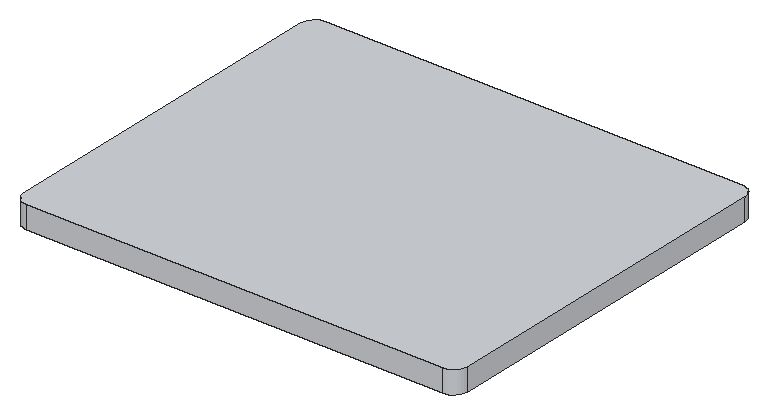
Revit family "АВЛН_Стол перподавателя угловой", category Мебель, Revit 2019
Family settings
  Номер OmniClass = 23.40.20.00
  Заголовок OmniClass = General Furniture and Specialties
  На основе рабочей плоскости = Нет
  Всегда вертикально = Да
  При загрузке вырезать с полостями = Нет
  Общий = Нет
  Точка расчета площади = Нет
Parameters (values of type "Одноместная")
  Столешница_длина 2 = 1800 mm
  Столешница_длина 1 = 1200 mm
  Столешница_Ширина = 600 mm
Types (3): name
  (no name)
  Двухместная
  Одноместная
Reference planes
  plane 1 "По центру (Вперед/Назад)": y = 0
  plane 2: z = 0
  plane 3 "По центру (Влево/Вправо)": x = 0
  plane 4: y = 1200
  plane 5: x = 1800
  plane 6: x = 600
  plane 7: y = 600
Lines and regions (mm)
  model lines
    curve 1: line (600, 600, 0) -> (1800, 600, 0)
    curve 2: line (1800, 600, 0) -> (1800, 0, 0)
    curve 3: line (1800, 0, 0) -> (600, 0, 0)
    curve 4: line (600, 0, 0) -> (600, 600, 0)
    curve 5: line (600, 600, 0) -> (1800, 600, 0)
    curve 6: line (1800, 600, 0) -> (1800, 0, 0)
    curve 7: line (1800, 0, 0) -> (600, 0, 0)
    curve 8: line (600, 0, 0) -> (600, 600, 0)
    curve 9: line (600, 1200, 0) -> (600, 0, 0)
    curve 10: line (600, 0, 0) -> (0, 0, 0)
    curve 11: line (0, 0, 0) -> (0, 1200, 0)
    curve 12: line (0, 1200, 0) -> (600, 1200, 0)
    curve 13: line (600, 1200, 0) -> (600, 0, 0)
    curve 14: line (600, 0, 0) -> (0, 0, 0)
    curve 15: line (0, 0, 0) -> (0, 1200, 0)
    curve 16: line (0, 1200, 0) -> (600, 1200, 0)
    curve 17: line (977, 1178, 0) -> (977, 788, 0)
    curve 18: line (977, 788, 0) -> (1367, 788, 0)
    curve 19: line (1367, 788, 0) -> (1367, 1178, 0)
    curve 20: line (1367, 1178, 0) -> (977, 1178, 0)
    curve 21: line (977, 1178, 0) -> (1367, 1178, 0)
    curve 22: line (1367, 1178, 0) -> (1367, 788, 0)
    curve 23: line (1367, 788, 0) -> (977, 788, 0)
    curve 24: line (977, 788, 0) -> (977, 1178, 0)
Dimensions and locks
  "Столешница_длина 1": plane 1 "По центру (Вперед/Назад)" to plane 4
  "Столешница_длина 2": plane 3 "По центру (Влево/Вправо)" to plane 5
  plane 1 "По центру (Вперед/Назад)" to plane 7 = 600 mm
  plane 3 "По центру (Влево/Вправо)" to plane 6 = 600 mm
  locked: curve 21 to curve 23 at 390
  locked: curve 24 to curve 22 at 390
  locked: plane 6 to curve 24 at 377
  locked: curve 23 to plane 7 at 188
  aligned and locked: level to plane 2
  aligned and locked: plane 5 to curve 6
  aligned and locked: plane 3 "По центру (Влево/Вправо)" to curve 15
  aligned and locked: curve 3 to plane 1 "По центру (Вперед/Назад)"
  aligned and locked: curve 5 to plane 7
  aligned and locked: curve 13 to plane 6
Automatic sketch dimensions
  curve 16 to plane 4 = 0 mm
Nested families
  nested 1: "Ученический стул" at (0, 435, 0), type "Ученический стул", not visible
    with Сиденье_Глубина 270 mm
  nested 2: "Ученический стул" at (-300, 435, 0), type "Ученический стул", not visible
    with Сиденье_Глубина 270 mm
  nested 3: "Ученический стул" at (300, 435, 0), type "Ученический стул", not visible
    with Сиденье_Глубина 270 mm
Definition of nested family "Ученический стул"
  Parameters (values of type "Ученический стул")
    Сиденье_Ширина = 320 mm
    Сиденье_Глубина = 300 mm
  Reference planes
    plane 1 "По центру (Вперед/Назад)": y = 0
    plane 2: z = 0
    plane 3 "По центру (Влево/Вправо)": x = 0
    plane 4: y = 150
    plane 5: x = 160
    plane 6: y = -150
    plane 7: x = -160
  Forms (mm)
    Extrusion 1, solid
      sketch origin (0, 0, 0) x (1, 0, 0) y (0, 1, 0)
        loop
          line (150, 150) -> (-150, 150)
          arc (-150, 150) -> (-157.071, 147.071) -> (-160, 140) r 10
          line (-160, 140) -> (-160, -140)
          arc (-160, -140) -> (-157.071, -147.071) -> (-150, -150) r 10
          line (-150, -150) -> (150, -150)
          arc (150, -150) -> (157.071, -147.071) -> (160, -140) r 10
          line (160, -140) -> (160, 140)
          arc (160, 140) -> (157.071, 147.071) -> (150, 150) r 10
      from 0 to 16
  Lines and regions (mm)
    model lines
      curve 1: arc (-130, 117.964, 0) -> (0, 146.539, 0) -> (130, 117.964, 0) r 310
  Dimensions and locks
    equal spacing: plane 7, plane 3 "По центру (Влево/Вправо)", plane 5
    equal spacing: plane 4, plane 1 "По центру (Вперед/Назад)", plane 6
    "Сиденье_Ширина": plane 7 to plane 5
    "Сиденье_Глубина": plane 4 to plane 6
    Extrusion 1 to plane 2 = 16 mm
    locked: plane 4 to Extrusion 1 sketch curve at 10  (x2)
    locked: Extrusion 1 sketch curve to plane 5 at 10  (x2)
    locked: plane 7 to Extrusion 1 sketch curve at 10  (x2)
    locked: plane 6 to Extrusion 1 sketch curve at 10  (x2)
    aligned and locked: level to plane 2
    aligned and locked: plane 4 to Extrusion 1 sketch curve
    aligned and locked: plane 5 to Extrusion 1 sketch curve
    aligned and locked: plane 6 to Extrusion 1 sketch curve
    aligned and locked: plane 7 to Extrusion 1 sketch curve
  Automatic sketch dimensions
    plane 3 "По центру (Влево/Вправо)" to curve 1 = 0 mm
    plane 6 to curve 1 = 13.461 mm
    curve 1 to plane 7 = 30 mm
    curve 1 to plane 5 = 30 mm
    curve 1 to plane 4 = 32.036 mm
